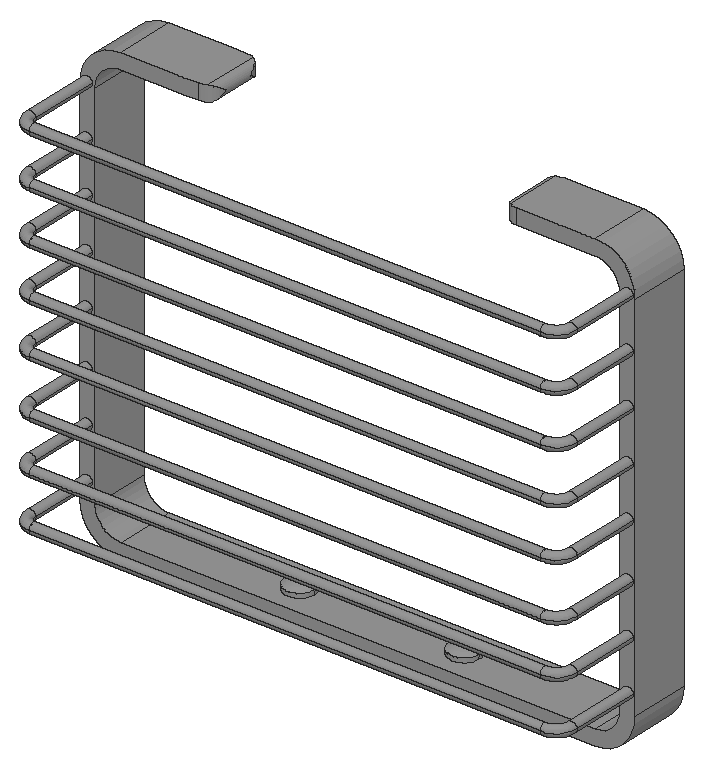
Revit family "RECK Jabonera 11x9cm BC1193000", category Generic Models, host Face, Revit 2014
Parameters
  MODELO = "RECK"
  MARCA = "WASSER"
  EMPRESA = "CHC COMERCIAL HISPANO CHILENA"
  Default Elevation = 1219.2 mm
  DIMENSIONES = "11X9CM"
  CÓDIGO = "BC1193000"
  ACCESORIO = "JABONERA"
Reference planes
  plane 1 "Center (Front/Back)": y = 0
  plane 2: z = 0
  plane 3 "Center (Left/Right)": x = 0
  plane 4: z = 90
  plane 5: x = 55
  plane 6: x = -55
  plane 7: y = -30
Forms (mm)
  Extrusion 1, solid, material "Steel, Chrome Plated"
    sketch origin (0, 0, 0) x (1, 0, 0) y (0, 0, 1)
      loop
        arc (55, 82) -> (52.657, 87.657) -> (47, 90) r 8
        line (47, 90) -> (30, 90)
        arc (30, 90) -> (28.5, 88.5) -> (30, 87) r 1.5
        line (30, 87) -> (47, 87)
        arc (47, 87) -> (50.536, 85.536) -> (52, 82) r 5
        line (52, 82) -> (52, 8)
        arc (52, 8) -> (50.536, 4.464) -> (47, 3) r 5
        line (47, 3) -> (-47, 3)
        arc (-47, 3) -> (-50.536, 4.464) -> (-52, 8) r 5
        line (-52, 8) -> (-52, 82)
        arc (-52, 82) -> (-50.536, 85.536) -> (-47, 87) r 5
        line (-47, 87) -> (-30, 87)
        arc (-30, 87) -> (-28.5, 88.5) -> (-30, 90) r 1.5
        line (-30, 90) -> (-47, 90)
        arc (-47, 90) -> (-52.657, 87.657) -> (-55, 82) r 8
        line (-55, 82) -> (-55, 8)
        arc (-55, 8) -> (-52.657, 2.343) -> (-47, 0) r 8
        line (-47, 0) -> (47, 0)
        arc (47, 0) -> (52.657, 2.343) -> (55, 8) r 8
        line (55, 8) -> (55, 82)
    from 0 to 12
  Sweep 2, solid, material "Steel, Chrome Plated"
    path origin (0, 0, 11.726) x (1, 0, 0) y (0, 1, 0)
      loop
        line (53.573, -12) -> (53.573, -25.954)
        arc (53.573, -25.954) -> (52.694, -28.075) -> (50.573, -28.954) r 3
        line (50.573, -28.954) -> (-50.68, -28.954)
        arc (-50.68, -28.954) -> (-52.769, -28.088) -> (-53.635, -25.998) r 2.955
        line (-53.635, -25.998) -> (-53.635, -12)
    profile origin (53.573, -18.977, 11.726) x (1, 0, 0) y (0, 0, 1)
      loop
        circle (0, 0) r 1
  Sweep 3, solid, material "Steel, Chrome Plated"
    path origin (0, 0, 21.726) x (1, 0, 0) y (0, 1, 0)
      loop
        line (53.573, -12) -> (53.573, -25.954)
        arc (53.573, -25.954) -> (52.694, -28.075) -> (50.573, -28.954) r 3
        line (50.573, -28.954) -> (-50.68, -28.954)
        arc (-50.68, -28.954) -> (-52.769, -28.088) -> (-53.635, -25.998) r 2.955
        line (-53.635, -25.998) -> (-53.635, -12)
    profile origin (53.573, -18.977, 21.726) x (1, 0, 0) y (0, 0, 1)
      loop
        circle (0, 0) r 1
  Sweep 4, solid, material "Steel, Chrome Plated"
    path origin (0, 0, 31.726) x (1, 0, 0) y (0, 1, 0)
      loop
        line (53.573, -12) -> (53.573, -25.954)
        arc (53.573, -25.954) -> (52.694, -28.075) -> (50.573, -28.954) r 3
        line (50.573, -28.954) -> (-50.68, -28.954)
        arc (-50.68, -28.954) -> (-52.769, -28.088) -> (-53.635, -25.998) r 2.955
        line (-53.635, -25.998) -> (-53.635, -12)
    profile origin (53.573, -18.977, 31.726) x (1, 0, 0) y (0, 0, 1)
      loop
        circle (0, 0) r 1
  Sweep 5, solid, material "Steel, Chrome Plated"
    path origin (0, 0, 42.521) x (1, 0, 0) y (0, 1, 0)
      loop
        line (53.573, -12) -> (53.573, -25.954)
        arc (53.573, -25.954) -> (52.694, -28.075) -> (50.573, -28.954) r 3
        line (50.573, -28.954) -> (-50.68, -28.954)
        arc (-50.68, -28.954) -> (-52.769, -28.088) -> (-53.635, -25.998) r 2.955
        line (-53.635, -25.998) -> (-53.635, -12)
    profile origin (53.573, -18.977, 42.521) x (1, 0, 0) y (0, 0, 1)
      loop
        circle (0, 0) r 1
  Sweep 6, solid, material "Steel, Chrome Plated"
    path origin (0, 0, 52.521) x (1, 0, 0) y (0, 1, 0)
      loop
        line (53.573, -12) -> (53.573, -25.954)
        arc (53.573, -25.954) -> (52.694, -28.075) -> (50.573, -28.954) r 3
        line (50.573, -28.954) -> (-50.68, -28.954)
        arc (-50.68, -28.954) -> (-52.769, -28.088) -> (-53.635, -25.998) r 2.955
        line (-53.635, -25.998) -> (-53.635, -12)
    profile origin (53.573, -18.977, 52.521) x (1, 0, 0) y (0, 0, 1)
      loop
        circle (0, 0) r 1
  Sweep 7, solid, material "Steel, Chrome Plated"
    path origin (0, 0, 62.521) x (1, 0, 0) y (0, 1, 0)
      loop
        line (53.573, -12) -> (53.573, -25.954)
        arc (53.573, -25.954) -> (52.694, -28.075) -> (50.573, -28.954) r 3
        line (50.573, -28.954) -> (-50.68, -28.954)
        arc (-50.68, -28.954) -> (-52.769, -28.088) -> (-53.635, -25.998) r 2.955
        line (-53.635, -25.998) -> (-53.635, -12)
    profile origin (53.573, -18.977, 62.521) x (1, 0, 0) y (0, 0, 1)
      loop
        circle (0, 0) r 1
  Sweep 8, solid, material "Steel, Chrome Plated"
    path origin (0, 0, 72.521) x (1, 0, 0) y (0, 1, 0)
      loop
        line (53.573, -12) -> (53.573, -25.954)
        arc (53.573, -25.954) -> (52.694, -28.075) -> (50.573, -28.954) r 3
        line (50.573, -28.954) -> (-50.68, -28.954)
        arc (-50.68, -28.954) -> (-52.769, -28.088) -> (-53.635, -25.998) r 2.955
        line (-53.635, -25.998) -> (-53.635, -12)
    profile origin (53.573, -18.977, 72.521) x (1, 0, 0) y (0, 0, 1)
      loop
        circle (0, 0) r 1
  Sweep 9, solid, material "Steel, Chrome Plated"
    path origin (0, 0, 82.521) x (1, 0, 0) y (0, 1, 0)
      loop
        line (53.573, -12) -> (53.573, -25.954)
        arc (53.573, -25.954) -> (52.694, -28.075) -> (50.573, -28.954) r 3
        line (50.573, -28.954) -> (-50.68, -28.954)
        arc (-50.68, -28.954) -> (-52.769, -28.088) -> (-53.635, -25.998) r 2.955
        line (-53.635, -25.998) -> (-53.635, -12)
    profile origin (53.573, -18.977, 82.521) x (1, 0, 0) y (0, 0, 1)
      loop
        circle (0, 0) r 1
  Extrusion 10, void
    sketch origin (0, 0, 0) x (1, 0, 0) y (0, 1, 0)
      loop
        line (-33.818, 0) -> (-31.5, 0)
        arc (-31.5, 0) -> (-29.379, -0.879) -> (-28.5, -3) r 3
        line (-28.5, -3) -> (-28.5, -9)
        arc (-28.5, -9) -> (-29.379, -11.121) -> (-31.5, -12) r 3
        line (-31.5, -12) -> (-33.818, -12) -> (-27.237, -14.082) -> (-26.755, -0.296) -> (-30.222, 2.612) -> (-33.818, 0)
    from 85.183 to 95.098
  Extrusion 11, void
    sketch origin (0, 0, 0) x (-1, 0, 0) y (0, -1, 0)
      loop
        line (-33.818, 0) -> (-30.222, -2.612) -> (-26.755, 0.296) -> (-27.237, 14.082) -> (-33.818, 12) -> (-31.5, 12)
        arc (-31.5, 12) -> (-29.379, 11.121) -> (-28.5, 9) r 3
        line (-28.5, 9) -> (-28.5, 3)
        arc (-28.5, 3) -> (-29.379, 0.879) -> (-31.5, 0) r 3
        line (-31.5, 0) -> (-33.818, 0)
    from 85.183 to 95.098
  Revolve 12, solid, material "Steel, Chrome Plated"
    sketch origin (0, -5.965, 0) x (1, 0, 0) y (0, 0, 1)
      loop
        arc (19.269, 3.812) -> (17.821, 4.357) -> (16.286, 4.542) r 6.456
        line (16.286, 4.542) -> (16.286, 3) -> (19.269, 3) -> (19.269, 3.812)
      axis (16.286, 4.542) -> (16.286, 3)
    angle from 0 to 360
  Revolve 13, solid, material "Steel, Chrome Plated"
    sketch origin (0, -5.965, 0) x (-1, 0, 0) y (0, 0, 1)
      loop
        arc (19.269, 3.812) -> (17.821, 4.357) -> (16.286, 4.542) r 6.456
        line (16.286, 4.542) -> (16.286, 3) -> (19.269, 3) -> (19.269, 3.812)
      axis (16.286, 4.542) -> (16.286, 3)
    angle from 0 to 360
Cuts and joins
  Extrusion 10, Extrusion 11 cuts Extrusion 1
Dimensions and locks
  aligned and locked: plane 2 to host face
  aligned and locked: level to host face
